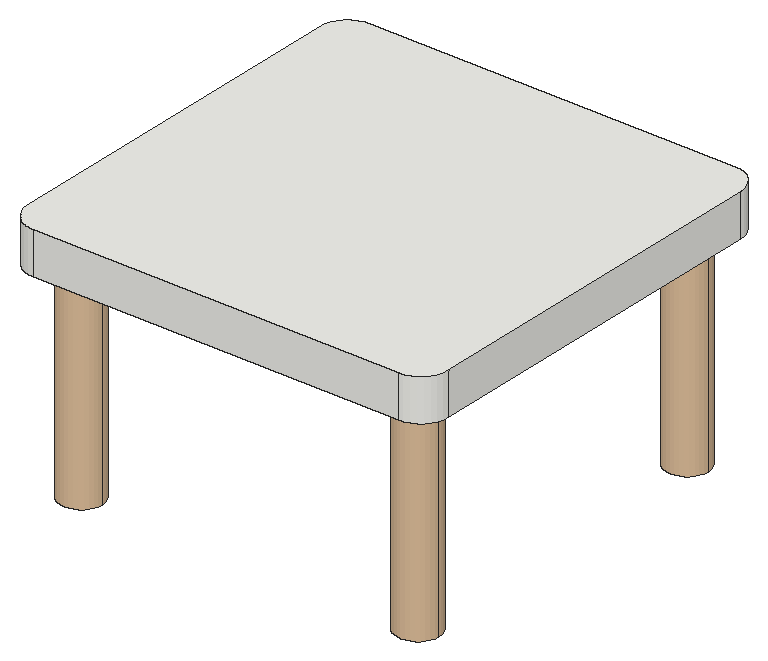
Revit family "racbasicsamplefamily", category Furniture, Revit 2021
Family settings
  OmniClass Number = 23.40.20.14.17
  OmniClass Title = Residential Tables and Cabinets
  Work Plane-Based = No
  Always vertical = Yes
  Cut with Voids When Loaded = No
  Shared = Yes
  Room Calculation Point = No
Parameters (values of type "0762 x 0762mm")
  Default Elevation = 0.00 mm
  Base Material = Wood - Birch
  Height = 457.00 mm
  Length = 762.00 mm
  Top Material = Laminate - Ivory, Matte
  Width = 762.00 mm
Types (4, lengths in mm): name | Height | Length | Width
  (no name) | 457.00 | 762.00 | 762.00
  0610 x 0160mm | 762.00 | 610.00 | 610.00
  0762 x 0762mm | 457.00 | 762.00 | 762.00
  0610 x 0915mm | 762.00 | 610.00 | 915.00
Reference planes
  plane 1: y = 152.4
  plane 2: z = 0
  plane 3 "Left": x = 3.734
  plane 4 "Right": x = 765.734
  plane 5 "Back": y = 533.4
  plane 6 "Front": y = -228.6
  plane 7: x = 384.734
Forms (mm)
  Extrusion 1, solid, material "Laminate - Ivory, Matte" <- "Top Material"
    sketch origin (0, 0, 0) x (1, 0, 0) y (0, 1, 0)
      loop
        line (54.534, -228.6) -> (714.934, -228.6)
        arc (714.934, -228.6) -> (750.855, -213.721) -> (765.734, -177.8) r 50.8
        line (765.734, -177.8) -> (765.734, 482.6)
        arc (765.734, 482.6) -> (750.855, 518.521) -> (714.934, 533.4) r 50.8
        line (714.934, 533.4) -> (54.534, 533.4)
        arc (54.534, 533.4) -> (18.613, 518.521) -> (3.734, 482.6) r 50.8
        line (3.734, 482.6) -> (3.734, -177.8)
        arc (3.734, -177.8) -> (18.613, -213.721) -> (54.534, -228.6) r 50.8
    from 380.8 to 457
  Extrusion 2, solid, material "Wood - Birch" <- "Base Material"
    sketch origin (0, 0, 0) x (1, 0, 0) y (0, 1, 0)
      loop
        circle (79.934, 457.2) r 38.1
      loop
        circle (79.934, -152.4) r 38.1
      loop
        circle (689.534, -152.4) r 38.1
      loop
        circle (689.534, 457.2) r 38.1
    from 0 to 380.8
Lines and regions (mm)
  Masking region 1
    outline origin (0, 0, 0) x (1, 0, 0) y (0, 1, 0)
      loop
        arc (54.534, 533.4) -> (18.613, 518.521) -> (3.734, 482.6) r 50.8
        line (3.734, 482.6) -> (3.734, -177.8)
        arc (3.734, -177.8) -> (18.613, -213.721) -> (54.534, -228.6) r 50.8
        line (54.534, -228.6) -> (714.934, -228.6)
        arc (714.934, -228.6) -> (750.855, -213.721) -> (765.734, -177.8) r 50.8
        line (765.734, -177.8) -> (765.734, 482.6)
        arc (765.734, 482.6) -> (750.855, 518.521) -> (714.934, 533.4) r 50.8
        line (714.934, 533.4) -> (54.534, 533.4)
Dimensions and locks
  locked: Extrusion 1 to Extrusion 1 at 76.2
  "Height": Extrusion 1 to plane 2
  locked: Extrusion 1 to Extrusion 2 sketch curve at 76.2  (x8)
  "Width": plane 5 "Back" to plane 6 "Front"
  "Length": plane 3 "Left" to plane 4 "Right"
  equal spacing: plane 5 "Back", plane 1, plane 6 "Front"
  equal spacing: plane 3 "Left", plane 7, plane 4 "Right"
  radius of Extrusion 1 sketch curve = 50.80 mm  (x4)
  aligned and locked: plane 2 to level
  aligned and locked: plane 6 "Front" to Extrusion 1 sketch curve
  aligned and locked: Extrusion 2 to Extrusion 1
  aligned and locked: Masking region 1 sketch curve to plane 5 "Back"
  aligned and locked: plane 3 "Left" to Masking region 1 sketch curve
  aligned and locked: plane 4 "Right" to Masking region 1 sketch curve
  aligned and locked: Masking region 1 sketch curve to plane 6 "Front"
  aligned: Masking region 1 sketch curve to Extrusion 1
Automatic sketch dimensions
  Extrusion 2 sketch curve to Extrusion 2 sketch curve = 38.10 mm  (x4)
  Extrusion 1 sketch curve to plane 3 "Left" = 0.00 mm
  Extrusion 1 sketch curve to plane 4 "Right" = 0.00 mm
  Extrusion 1 sketch curve to plane 5 "Back" = 0.00 mm
  plane 3 "Left" to Masking region 1 sketch curve = 50.80 mm  (x2)
  plane 4 "Right" to Masking region 1 sketch curve = 50.80 mm  (x2)
